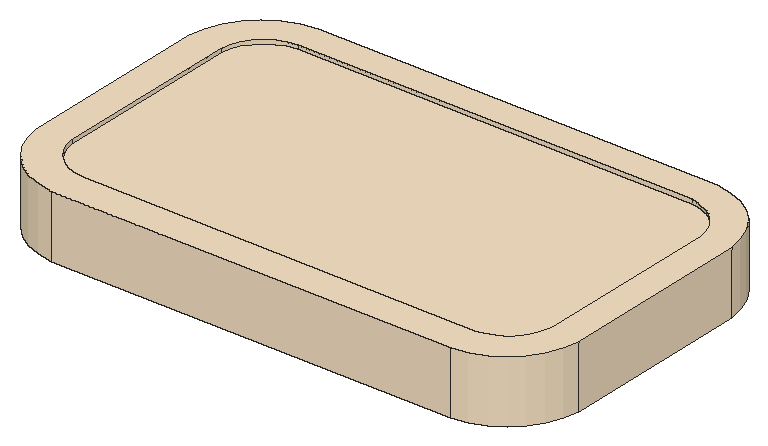
Revit family
Parameters (values of type "KB200-00")
  offset [instance] = 0' - 0"
  Warranty Duration (Years) = 0
  Unit Width = 2' - 11"
  Unit Height = 1' - 10"
  Unit Depth = 0' - 4"
  URL = "http://www.bobrick.com/Pages/default.aspx"
  Specification = ""
  SpecWizard = ""
  Send Message = "http://www.arcat.com/users.pl?action=UserEmail&company=Bobrick+Washroom+Equipment,+Inc.&coid=30988&rep=156&fax=818-503-1930&mf="
  Sales Information = "http://www.bobrick.com/Pages/ContactUs.aspx"
  Revision = "R1_10-2012"
  Product Properties = ""
  Product Data = "http://arcat.com/arcatcos/cos30/arc30988.html?isac=1&r=1"
  Model = "KB200-00"
  Manufacturer Website = "http://www.bobrick.com/Pages/default.aspx"
  Manufacturer Phone - Toll Free = ""
  Manufacturer Phone = "818-764-1000"
  Manufacturer Fax = "818-503-1930"
  Manufacturer Address = "11611 Hart St. North Hollywood, CA 91605-5882"
  Manufacturer = "Bobrick Washroom Equipment, Inc."
  Maintenance Schedule (Months) = 0
  Keynote = "102813"
  Installation-Fabrication = "http://www.bobrick.com/washroomaccessories/Pages/WashroomAccessories.aspx"
  Installation Phase = ""
  Green Building-LEED = ""
  Finish Material = Plastic - Bobrick - Cream
  Expected Lifespan (Years) = 0
  Drawn By = "Sumex Design, Inc. / Robert S. Weygant, CSI, CDT, SCIP"
  Description = "Bobrick KB200-00 Surface Mounted Baby Changing Station"
  Default Elevation = 4' - 0"
  Copyright = "©Arcat Inc."
  Construction Details = ""
  Assembly Code = "E1090900"
Reference planes (in)
  plane 1 "Center (Front/Back)": y = 0
  plane 2 "Bottom": z = 0
  plane 3 "Center (Left/Right)": x = 0
  plane 4 "Top": z = 4
  plane 5: y = -11
  plane 6: y = 11
  plane 7: x = -17.5
  plane 8: x = 17.5
Forms (in)
  Extrusion 1, solid, material "Plastic - Bobrick - Cream" <- "Finish Material"
    sketch origin (0, 0, 0) x (1, 0, 0) y (0, 1, 0)
      loop
        arc (-17.36091, 6.02186) -> (-17.50003, -0.08888) -> (-17.36091, -6.19962) r 134.2783
        arc (-17.36091, -6.19962) -> (-15.89155, -9.27237) -> (-12.7951, -10.6911) r 5
        arc (-12.7951, -10.6911) -> (-0.06439, -11.00001) -> (12.66633, -10.6911) r 262.48442
        arc (12.66633, -10.6911) -> (15.76277, -9.27237) -> (17.23214, -6.19962) r 5
        arc (17.23214, -6.19962) -> (17.50006, -0.08888) -> (17.23214, 6.02186) r 69.82173
        arc (17.23214, 6.02186) -> (15.76277, 9.0946) -> (12.66633, 10.51334) r 5
        arc (12.66633, 10.51334) -> (-0.06439, 11.03612) -> (-12.7951, 10.51334) r 155.27002
        arc (-12.7951, 10.51334) -> (-15.89155, 9.0946) -> (-17.36091, 6.02186) r 5
    from 0 to 4
  Extrusion 2, void
    sketch origin (0, 0, 0.67115) x (1, 0, 0) y (0, 1, 0)
      loop
        arc (12.56673, 8.60895) -> (0, 9.125) -> (-12.56673, 8.60895) r 153.27002
        arc (-12.56673, 8.60895) -> (-14.4246, 7.75771) -> (-15.30622, 5.91407) r 3
        arc (-15.30622, 5.91407) -> (-15.59771, 0) -> (-15.30622, -5.91407) r 60.14047
        arc (-15.30622, -5.91407) -> (-14.4246, -7.75771) -> (-12.56673, -8.60895) r 3
        arc (-12.56673, -8.60895) -> (0, -9.125) -> (12.56673, -8.60895) r 153.27002
        arc (12.56673, -8.60895) -> (14.4246, -7.75771) -> (15.30622, -5.91407) r 3
        arc (15.30622, -5.91407) -> (15.59771, 0) -> (15.30622, 5.91407) r 60.14047
        arc (15.30622, 5.91407) -> (14.4246, 7.75771) -> (12.56673, 8.60895) r 3
    from 3.07885 to 3.32885
Cuts and joins
  Extrusion 2 cuts Extrusion 1
Lines and regions (in)
  symbolic lines, style "SpecialityEquipmentHiddenLines"
    curve 1: line (-17.50003, 0, 22.5) -> (17.5, 0, 22.5)
    curve 2: line (17.5, 0, 22.5) -> (17.5, 0, 4)
    curve 3: line (-17.50003, 0, 4) -> (-17.50003, 0, 22.5)
    curve 4: line (0, -11.00001, 4) -> (0, -11.00001, 26.5)
    curve 5: arc (0, -11.00001, 26.5) -> (0, 3.76109, 18.91587) -> (0, 11.03612, 4) r 26.28365
    curve 6: line (-15.94645, 9.03975, 0) -> (-0.06439, -11.00001, 0)
    curve 7: line (-0.06439, -11.00001, 0) -> (15.88194, 8.97332, 0)
Dimensions and locks (in)
  "Unit Depth": plane 4 "Top" to level
  "Unit Width": plane 7 to plane 8
  "Unit Height": plane 5 to plane 6
  equal spacing: plane 7, plane 3 "Center (Left/Right)", plane 8
  equal spacing: plane 5, plane 1 "Center (Front/Back)", plane 6
  locked: curve 1 to level at 22.5
  curve 4 to level = 2' - 2 1/2"
  aligned and locked: plane 4 "Top" to Extrusion 1
Automatic sketch dimensions
  Extrusion 2 sketch curve to plane 1 "Center (Front/Back)" = 0' - 0"  (x2)
  Extrusion 2 sketch curve to plane 3 "Center (Left/Right)" = 0' - 0"  (x2)
  Extrusion 2 sketch curve to Extrusion 2 sketch curve = 0' - 0.24597"  (x4)
  Extrusion 2 sketch curve to Extrusion 2 sketch curve = 0' - 0"  (x8)
  Extrusion 2 sketch curve to Extrusion 2 sketch curve = 0' - 2.98546"  (x2)
  plane 1 "Center (Front/Back)" to Extrusion 1 sketch curve = 0' - 0.08888"  (x2)
  Extrusion 1 sketch curve to Extrusion 1 sketch curve = 0' - 0"  (x4)
  Extrusion 1 sketch curve to Extrusion 1 sketch curve = 0' - 0.40995"  (x3)
  Extrusion 1 sketch curve to plane 3 "Center (Left/Right)" = 0' - 0.06439"  (x2)
  plane 1 "Center (Front/Back)" to Extrusion 1 sketch curve = 0' - 5.70794"  (x2)
  Extrusion 1 sketch curve to Extrusion 1 sketch curve = 0' - 0.49169"
  Extrusion 1 sketch curve to Extrusion 1 sketch curve = 11' - 1.5428"
  Extrusion 1 sketch curve to Extrusion 1 sketch curve = 20' - 0.97107"
  plane 1 "Center (Front/Back)" to Extrusion 2 sketch curve = 0' - 5.61905"  (x2)
  Extrusion 1 sketch curve to plane 3 "Center (Left/Right)" = 1' - 0.38515"
  Extrusion 1 sketch curve to Extrusion 1 sketch curve = 0' - 4.97577"  (x3)
  Extrusion 1 sketch curve to Extrusion 1 sketch curve = 2' - 10.96076"
  Extrusion 2 sketch curve to plane 1 "Center (Front/Back)" = 0' - 5.61905"  (x2)
  Extrusion 2 sketch curve to plane 3 "Center (Left/Right)" = 1' - 0.32076"
  Extrusion 2 sketch curve to Extrusion 2 sketch curve = 2' - 5.23654"
  plane 3 "Center (Left/Right)" to Extrusion 1 sketch curve = 1' - 0.25637"
  Extrusion 1 sketch curve to plane 1 "Center (Front/Back)" = 0' - 5.53017"
  Extrusion 1 sketch curve to Extrusion 1 sketch curve = 8' - 3.54613"
  curve 1 to plane 7 = 0' - 0.00003"
  curve 2 to plane 8 = 0' - 0"
  curve 2 to curve 2 = 1' - 6 1/2"
  curve 3 to plane 4 "Top" = 0' - 0"
  curve 4 to plane 4 "Top" = 0' - 0"
  level to curve 5 = 0' - 0.5251"
  curve 4 to plane 5 = 0' - 0"
  curve 5 to plane 6 = 0' - 0.03612"
  plane 7 to curve 6 = 0' - 1.55355"
  curve 7 to plane 5 = 0' - 0"
  curve 7 to plane 3 "Center (Left/Right)" = 0' - 0.06439"
  plane 8 to curve 7 = 0' - 1.61806"
  plane 6 to curve 7 = 0' - 2.02668"
  plane 6 to curve 6 = 0' - 1.96025"
